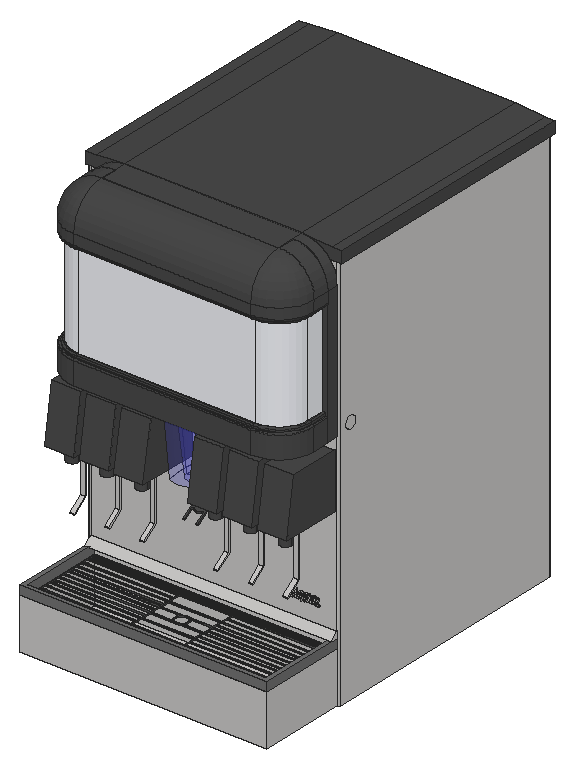
Revit family "QF_LANCER_IBD 4500-22_cat", category Specialty Equipment, Revit 2012
Parameters
  Width [instance] = 22"  # constant formula
  Weight in Pounds = 0
  Watts = 0 W
  Waste Water Discharge Temperature = -459.67 °F
  Volts = 115 V
  URL Cutsheet = "www.lancercorp.com"
  URL = "www.lancercorp.com"
  Type Mark [instance] = ""
  Status [instance] = ""
  Specification by User [instance] = ""
  Specification by Manufacturer = ""
  Show Logo [instance] = yes
  Serial Number = ""
  Seismic Rating = ""
  SMACNA No = ""
  Revision Code [instance] = ""
  Plumbing Remarks = ""
  Plumbing Connection Type = ""
  Phase = 0
  Omniclass Number and Title = ""
  Number of Poles [instance] = 1
  NAFEM Spec ID Number = ""
  Model = "IBD 4500-22"
  Min Ckt Ampacity = 0 A
  Max Overcurrent Protection = 0 A
  Masterspec = ""
  Manufacturer = "LANCER"
  Item Number [instance] = ""
  Installed By [instance] = ""
  Indirect Waste Size = 3/4"
  Indirect Waste Flow = 0 GPM
  Indirect Waste Connection Type = ""
  Indirect Waste Connection Height = 0"
  Identify Quantity as Lot [instance] = yes
  Height [instance] = 35 3/8"  # constant formula
  HP = ""
  Furnished By [instance] = ""
  Foodservice Equipment Identifier [instance] = yes
  FL Amps = 3 A
  Electrical Remarks [instance] = ""
  Electric Connection Type [instance] = ""
  Elec Conn RI Height [instance] = 0"
  Elec Conn Connection Height [instance] = 0"
  Description = "ICE BEVERAGE DISPENSER"
  Depth [instance] = 30 1/2"  # constant formula
  Cycle = 60 Hz
  Conn Plug = ""
  Conn Conduit = yes
  Cold Water Temperature Recommended = -459.67 °F
  Cold Water Size = 3/8"
  Cold Water RI Height = 0"
  Cold Water Minimum Pressure = 0.00 psi
  Cold Water Maximum Pressure = 0.00 psi
  Cold Water Flow = 0 GPM
  Cold Water Consumption = ""
  Cold Water Connection Height = 0"
  CSI MasterFormat = ""
  CSI Master Format = ""
  Apparent Power = if(Phase = 3, Volts * FL Amps * 1.73, Volts * FL Amps)  # 345 VA
Reference planes (in)
  plane 1 "BACK": y = 0
  plane 2: z = 0
  plane 3 "LEFT": x = 0
  plane 4 "RIGHT": x = 22
  plane 5 "FRONT": y = -30.5
  plane 6 "TOP": z = 35.375
  plane 7 "Center Y": x = 11
  plane 8 "Center X": y = -15.25
  plane 9: z = 5.125
  plane 10: y = -23
  plane 11: z = 14.875
  plane 12: z = 20.68815
  plane 13: z = 31.625
  plane 14: z = 34.1875
  plane 15: z = 17.6875
Forms (in)
  Extrusion 1, solid, material "QF_Finishes_Stainless Steel"
    sketch origin (0, 0, 0) x (1, 0, 0) y (0, 1, 0)
      loop
        line (0.375, -23) -> (0.375, -22.9375) -> (21.625, -22.9375) -> (21.625, -23)
        arc (21.625, -23) -> (21.75758, -22.94508) -> (21.8125, -22.8125) r 0.1875
        line (21.8125, -22.8125) -> (21.8125, -0.25)
        arc (21.8125, -0.25) -> (21.79419, -0.20581) -> (21.75, -0.1875) r 0.0625
        line (21.75, -0.1875) -> (0.25, -0.1875)
        arc (0.25, -0.1875) -> (0.20581, -0.20581) -> (0.1875, -0.25) r 0.0625
        line (0.1875, -0.25) -> (0.1875, -22.8125)
        arc (0.1875, -22.8125) -> (0.24242, -22.94508) -> (0.375, -23) r 0.1875
    from 0 to 34.1875
  Extrusion 2, solid, material "QF_Finishes_Stainless Steel"
    sketch origin (0, 0, 0) x (1, 0, 0) y (0, 1, 0)
      loop
        line (0.375, -23) -> (0.375, -30.5) -> (21.625, -30.5) -> (21.625, -23) -> (21.25, -23) -> (21.25, -30.125) -> (0.75, -30.125) -> (0.75, -23) -> (0.375, -23)
    from 0 to 4.375
  Extrusion 3, solid, material "QF_Finishes_Stainless Steel"
    sketch origin (0, 0, 0) x (1, 0, 0) y (0, 1, 0)
      loop
        line (0.75, -23) -> (0.75, -30.125) -> (21.25, -30.125) -> (21.25, -23) -> (0.75, -23)
    from 0 to 0.375
  Blend 4, solid, material "Glass"
    base sketch origin (0, 0, 0) x (1, 0, 0) y (0, 1, 0)
      loop
        line (12.03287, -23.21875) -> (9.96713, -23.21875)
        arc (9.96713, -23.21875) -> (9.79437, -24.82045) -> (10, -26.41827) r 6.85835
        arc (10, -26.41827) -> (11, -26.69108) -> (12, -26.41827) r 1.96919
        arc (12, -26.41827) -> (12.20563, -24.82045) -> (12.03287, -23.21875) r 6.85835
    top sketch origin (0, 0, 0) x (1, 0, 0) y (0, 1, 0)
      loop
        line (12.53753, -23.21875) -> (9.46247, -23.21875)
        arc (9.46247, -23.21875) -> (9.30335, -24.92716) -> (9.54461, -26.62593) r 7.35113
        arc (9.54461, -26.62593) -> (11, -27.11846) -> (12.45539, -26.62593) r 2.39657
        arc (12.45539, -26.62593) -> (12.69665, -24.92716) -> (12.53753, -23.21875) r 7.35113
    from 14.875 to 20.68815
  Extrusion 5, solid, material "QF_Finishes_Stainless Steel"
    sketch origin (0, 0.0625, 0) x (0, 1, 0) y (0, 0, 1)
      loop
        line (-23, 5.72901) -> (-23.60401, 5.125) -> (-23, 5.125) -> (-23, 5.72901)
    from 0.375 to 21.625
  Revolve 6, solid, material "Glass"
    sketch origin (0, -25, 0) x (1, 0, 0) y (0, 0, 1)
      loop
        line (11, 20.27385) -> (11, 14.76752) -> (11.67263, 14.76752)
        arc (11.67263, 14.76752) -> (11.81786, 17.53473) -> (12.237, 20.27385) r 27.88536
        line (12.237, 20.27385) -> (11, 20.27385)
      axis (11, 14.76752) -> (11, 20.27385)
    angle from 0 to 360
  Extrusion 7, solid, material "QF_Finishes_Stainless Steel"
    sketch origin (0, 0, 0) x (1, 0, 0) y (0, 0, 1)
      loop
        line (10.02317, 14.875) -> (11.97683, 14.875) -> (12.58115, 20.68815) -> (9.41885, 20.68815) -> (10.02317, 14.875)
    from 23 to 23.21875
  Extrusion 8, solid, material "QF_Finishes_Black"
    sketch origin (0, 0, -0.75) x (0, 1, 0) y (0, 0, 1)
      loop
        line (-27.34912, 20.37709) -> (-28.11716, 15.625) -> (-22.9375, 15.625) -> (-22.9375, 20.37709) -> (-27.34912, 20.37709)
    from 6.57258 to 9.07258
  Extrusion 9, solid, material "QF_Finishes_Black"
    sketch origin (0, 0, -0.75) x (0, 1, 0) y (0, 0, 1)
      loop
        line (-27.34912, 20.37709) -> (-28.11716, 15.625) -> (-22.9375, 15.625) -> (-22.9375, 20.37709) -> (-27.34912, 20.37709)
    from 3.57258 to 6.07258
  Extrusion 10, solid, material "QF_Finishes_Black"
    sketch origin (0, 0, -0.75) x (0, 1, 0) y (0, 0, 1)
      loop
        line (-27.34912, 20.37709) -> (-28.11716, 15.625) -> (-22.9375, 15.625) -> (-22.9375, 20.37709) -> (-27.34912, 20.37709)
    from 0.57258 to 3.07258
  Extrusion 11, solid, material "QF_Finishes_Black"
    sketch origin (22, 0, -0.75) x (0, 1, 0) y (0, 0, -1)
      loop
        line (-27.34912, -20.37709) -> (-22.9375, -20.37709) -> (-22.9375, -15.625) -> (-28.11716, -15.625) -> (-27.34912, -20.37709)
    from 6.57258 to 9.07258
  Extrusion 12, solid, material "QF_Finishes_Black"
    sketch origin (22, 0, -0.75) x (0, 1, 0) y (0, 0, -1)
      loop
        line (-27.34912, -20.37709) -> (-22.9375, -20.37709) -> (-22.9375, -15.625) -> (-28.11716, -15.625) -> (-27.34912, -20.37709)
    from 3.57258 to 6.07258
  Extrusion 13, solid, material "QF_Finishes_Black"
    sketch origin (22, 0, -0.75) x (0, 1, 0) y (0, 0, -1)
      loop
        line (-27.34912, -20.37709) -> (-22.9375, -20.37709) -> (-22.9375, -15.625) -> (-28.11716, -15.625) -> (-27.34912, -20.37709)
    from 0.57258 to 3.07258
  Extrusion 14, solid, material "QF_Finishes_Black"
    sketch origin (0, 0, -1.56533) x (1, 0, 0) y (0, 1, 0)
      loop
        circle (1.82258, -26.65163) r 0.5
      loop
        circle (4.82258, -26.65163) r 0.5
      loop
        circle (7.82258, -26.65163) r 0.5
      loop
        circle (20.17742, -26.65163) r 0.5
      loop
        circle (17.17742, -26.65163) r 0.5
      loop
        circle (14.17742, -26.65163) r 0.5
    from 15.19033 to 16.44033
  Sweep 15, solid, material "QF_Finishes_Stainless Steel"
    path origin (0, 0, -1.56533) x (0, 1, 0) y (0, 0, 1)
      loop
        line (-25.46144, 16.44033) -> (-25.46144, 11.90908) -> (-26.65939, 11.00636)
    profile origin (0, -25.46144, 12.60938) x (1, 0, 0) y (0, 1, 0)
      loop
        line (1.63508, 0) -> (1.63508, -0.0625) -> (2.01008, -0.0625) -> (2.01008, 0) -> (1.63508, 0)
      loop
        line (4.63508, 0) -> (4.63508, -0.0625) -> (5.01008, -0.0625) -> (5.01008, 0) -> (4.63508, 0)
      loop
        line (7.63508, 0) -> (7.63508, -0.0625) -> (8.01008, -0.0625) -> (8.01008, 0) -> (7.63508, 0)
      loop
        line (20.36492, 0) -> (19.98992, 0) -> (19.98992, -0.0625) -> (20.36492, -0.0625) -> (20.36492, 0)
      loop
        line (17.36492, 0) -> (16.98992, 0) -> (16.98992, -0.0625) -> (17.36492, -0.0625) -> (17.36492, 0)
      loop
        line (14.36492, 0) -> (13.98992, 0) -> (13.98992, -0.0625) -> (14.36492, -0.0625) -> (14.36492, 0)
  Extrusion 16, solid, material "QF_Finishes_Black"
    sketch origin (-4.23992, 0, -1.56533) x (0, 1, 0) y (0, 0, 1)
      loop
        line (-24, 16.44033) -> (-24, 14.07158) -> (-25.43906, 13.10092) -> (-25.40411, 13.04911) -> (-23.9375, 14.03834) -> (-23.9375, 16.44033) -> (-24, 16.44033)
    from 14.59375 to 15.90625
  Extrusion 17, void
    sketch origin (0, 0, -1.56533) x (1, 0, 0) y (0, 1, 0)
      loop
        line (10.50557, -25.47981) -> (11.49443, -25.47981) -> (11.5317, -24.76869)
        arc (11.5317, -24.76869) -> (11.46175, -24.63985) -> (11.31519, -24.64369) r 0.14029
        arc (11.31519, -24.64369) -> (11, -24.73706) -> (10.68481, -24.64369) r 0.57872
        arc (10.68481, -24.64369) -> (10.53825, -24.63985) -> (10.4683, -24.76869) r 0.14029
        line (10.4683, -24.76869) -> (10.50557, -25.47981)
    from 12.74241 to 14.39164
  Extrusion 18, void
    sketch origin (0, 0, -1.56533) x (1, 0, 0) y (0, 0, 1)
      loop
        line (10.34491, 14.08822) -> (10.50939, 16.44033) -> (10.19702, 16.44033) -> (10.19702, 14.08822) -> (10.34491, 14.08822)
      loop
        line (11.65509, 14.08822) -> (11.80298, 14.08822) -> (11.80298, 16.44033) -> (11.49061, 16.44033) -> (11.65509, 14.08822)
    from 23.83187 to 24.10002
  Extrusion 19, solid, material "QF_Finishes_Stainless Steel"
    sketch origin (0, 0, 0.16111) x (1, 0, 0) y (0, 1, 0)
      loop
        line (0.75, -30.125) -> (21.25, -30.125) -> (21.25, -23) -> (0.75, -23) -> (0.75, -30.125)
      loop
        line (0.8125, -30.0625) -> (21.1875, -30.0625) -> (21.1875, -23.0625) -> (0.8125, -23.0625) -> (0.8125, -30.0625)
    from 3.90139 to 4.15139
  Extrusion 20, solid, material "QF_Finishes_Black"
    sketch origin (0, 0, 0.16111) x (1, 0, 0) y (0, 1, 0)
      loop
        line (0.75, -30.125) -> (21.25, -30.125) -> (21.25, -23) -> (0.75, -23) -> (0.75, -30.125)
      loop
        line (1, -30) -> (21, -30)
        arc (21, -30) -> (21.08839, -29.96339) -> (21.125, -29.875) r 0.125
        line (21.125, -29.875) -> (21.125, -29.53588) -> (0.875, -29.53588) -> (0.875, -29.875)
        arc (0.875, -29.875) -> (0.91161, -29.96339) -> (1, -30) r 0.125
      loop
        line (0.875, -23.25) -> (0.875, -23.35246) -> (21.125, -23.35246) -> (21.125, -23.25)
        arc (21.125, -23.25) -> (21.08839, -23.16161) -> (21, -23.125) r 0.125
        line (21, -23.125) -> (1, -23.125)
        arc (1, -23.125) -> (0.91161, -23.16161) -> (0.875, -23.25) r 0.125
      loop
        line (21.125, -23.81917) -> (13.3125, -23.81917) -> (13.3125, -24.35042) -> (21.125, -24.35042) -> (21.125, -23.81917)
      loop
        line (0.875, -28.94417) -> (8.6875, -28.94417) -> (8.6875, -28.41292) -> (0.875, -28.41292) -> (0.875, -28.94417)
      loop
        line (8.75, -23.81917) -> (8.75, -24.91292) -> (13.25, -24.91292) -> (13.25, -23.81917) -> (8.75, -23.81917)
      loop
        line (21.125, -23.75667) -> (21.125, -23.41496) -> (0.875, -23.41496) -> (0.875, -23.75667) -> (21.125, -23.75667)
      loop
        line (0.875, -29.00667) -> (0.875, -29.47338) -> (21.125, -29.47338) -> (21.125, -29.00667) -> (0.875, -29.00667)
      loop
        line (8.6875, -23.81917) -> (0.875, -23.81917) -> (0.875, -24.35042) -> (8.6875, -24.35042) -> (8.6875, -23.81917)
      loop
        line (0.875, -24.41292) -> (0.875, -24.91292) -> (8.6875, -24.91292) -> (8.6875, -24.41292) -> (0.875, -24.41292)
      loop
        line (0.875, -28.35042) -> (8.6875, -28.35042) -> (8.6875, -27.88167) -> (0.875, -27.88167) -> (0.875, -28.35042)
      loop
        line (0.875, -25.85042) -> (8.6875, -25.85042) -> (8.6875, -25.50667) -> (0.875, -25.50667) -> (0.875, -25.85042)
      loop
        line (0.875, -25.91292) -> (0.875, -26.38167) -> (8.6875, -26.38167) -> (8.6875, -25.91292) -> (0.875, -25.91292)
      loop
        line (0.875, -24.97542) -> (0.875, -25.44417) -> (8.6875, -25.44417) -> (8.6875, -24.97542) -> (0.875, -24.97542)
      loop
        line (0.875, -26.91292) -> (0.875, -27.38167) -> (8.6875, -27.38167) -> (8.6875, -26.91292) -> (0.875, -26.91292)
      loop
        line (0.875, -26.85042) -> (8.6875, -26.85042) -> (8.6875, -26.44417) -> (0.875, -26.44417) -> (0.875, -26.85042)
      loop
        line (0.875, -27.81917) -> (8.6875, -27.81917) -> (8.6875, -27.44417) -> (0.875, -27.44417) -> (0.875, -27.81917)
      loop
        line (13.3125, -28.94417) -> (21.125, -28.94417) -> (21.125, -28.41292) -> (13.3125, -28.41292) -> (13.3125, -28.94417)
      loop
        line (8.75, -28.94417) -> (13.25, -28.94417) -> (13.25, -28.37807) -> (13.25, -27.88167) -> (8.75, -27.88167) -> (8.75, -28.94417)
      loop
        line (13.3125, -28.35042) -> (21.125, -28.35042) -> (21.125, -27.88167) -> (13.3125, -27.88167) -> (13.3125, -28.35042)
      loop
        line (13.3125, -27.38167) -> (21.125, -27.38167) -> (21.125, -26.91292) -> (13.3125, -26.91292) -> (13.3125, -27.38167)
      loop
        line (13.3125, -27.44417) -> (13.3125, -27.81917) -> (21.125, -27.81917) -> (21.125, -27.44417) -> (13.3125, -27.44417)
      loop
        line (13.3125, -26.38167) -> (21.125, -26.38167) -> (21.125, -25.91292) -> (13.3125, -25.91292) -> (13.3125, -26.38167)
      loop
        line (13.3125, -26.44417) -> (13.3125, -26.85042) -> (21.125, -26.85042) -> (21.125, -26.44417) -> (13.3125, -26.44417)
      loop
        line (13.3125, -25.44417) -> (21.125, -25.44417) -> (21.125, -24.97542) -> (13.3125, -24.97542) -> (13.3125, -25.44417)
      loop
        line (13.3125, -25.50667) -> (13.3125, -25.85042) -> (21.125, -25.85042) -> (21.125, -25.50667) -> (13.3125, -25.50667)
      loop
        line (13.3125, -24.41292) -> (13.3125, -24.91292) -> (21.125, -24.91292) -> (21.125, -24.41292) -> (13.3125, -24.41292)
      loop
        line (8.75, -27.81917) -> (13.25, -27.81917) -> (13.25, -26.91292) -> (11.26517, -26.91292)
        arc (11.26517, -26.91292) -> (11, -26.97542) -> (10.73483, -26.91292) r 0.59375
        line (10.73483, -26.91292) -> (8.75, -26.91292) -> (8.75, -27.81917)
      loop
        line (8.75, -26.85042) -> (10.63557, -26.85042)
        arc (10.63557, -26.85042) -> (10.40625, -26.38167) -> (10.63557, -25.91292) r 0.59375
        line (10.63557, -25.91292) -> (8.75, -25.91292) -> (8.75, -26.85042)
      loop
        line (13.25, -25.91292) -> (11.36443, -25.91292)
        arc (11.36443, -25.91292) -> (11.59375, -26.38167) -> (11.36443, -26.85042) r 0.59375
        line (11.36443, -26.85042) -> (13.25, -26.85042) -> (13.25, -25.91292)
      loop
        line (8.75, -25.85042) -> (10.73483, -25.85042)
        arc (10.73483, -25.85042) -> (11, -25.78792) -> (11.26517, -25.85042) r 0.59375
        line (11.26517, -25.85042) -> (13.25, -25.85042) -> (13.25, -24.97542) -> (8.75, -24.97542) -> (8.75, -25.85042)
      loop
        circle (11, -26.38167) r 0.53125
    from 4.15139 to 4.21389
  Extrusion 21, solid, material "QF_Finishes_Rubber Black"
    sketch origin (0, 0, 0) x (1, 0, 0) y (0, 1, 0)
      loop
        line (0.375, -23) -> (0.375, -30.5) -> (21.625, -30.5) -> (21.625, -23) -> (21.25, -23) -> (21.25, -30.125) -> (0.75, -30.125) -> (0.75, -23) -> (0.375, -23)
    from 4.375 to 5.125
  Extrusion 22, solid, material "QF_Finishes_Stainless Steel"
    sketch origin (0, -0.1875, 12.5625) x (1, 0, 0) y (0, 0, -1)
      loop
        circle (11, -5.125) r 0.25
      loop
        circle (20.55289, 11.3125) r 0.1875
    from 0 to 0.0625
  Sweep 23, solid, material "QF_Finishes_Stainless Steel"
    path origin (0, 0, 0) x (1, 0, 0) y (0, 1, 0)
      loop
        line (0.375, -23.9375) -> (0.375, -25.4375)
        arc (0.375, -25.4375) -> (1.25304, -27.55728) -> (3.37282, -28.43532) r 2.99782
        line (3.37282, -28.43532) -> (18.62718, -28.43532)
        arc (18.62718, -28.43532) -> (20.74696, -27.55728) -> (21.625, -25.4375) r 2.99782
        line (21.625, -25.4375) -> (21.625, -23.9375)
    profile origin (0.375, -24.6875, 0) x (1, 0, 0) y (0, 0, 1)
      loop
        line (0, 20.68815) -> (2.99061, 20.68815) -> (2.99061, 35.375)
        arc (2.99061, 35.375) -> (0.86867, 34.49666) -> (-0.01035, 32.375) r 3
        line (-0.01035, 32.375) -> (-0.01035, 31.45283)
        arc (-0.01035, 31.45283) -> (0.03533, 31.34254) -> (0.14562, 31.29686) r 0.15597
        line (0.14562, 31.29686) -> (0.24219, 31.29686) -> (0.24219, 31.14616)
        arc (0.24219, 31.14616) -> (0.27128, 31.07592) -> (0.34153, 31.04682) r 0.09934
        line (0.34153, 31.04682) -> (0.5, 31.04682) -> (0.5, 22.93815) -> (0.34934, 22.93815)
        arc (0.34934, 22.93815) -> (0.2791, 22.90906) -> (0.25, 22.83881) r 0.09934
        line (0.25, 22.83881) -> (0.25, 22.68815) -> (0.07818, 22.68815)
        arc (0.07818, 22.68815) -> (0.0229, 22.66525) -> (0, 22.60997) r 0.07818
        line (0, 22.60997) -> (0, 20.68815)
  Extrusion 24, solid, material "QF_Finishes_Black"
    sketch origin (0.375, -22.9375, 0) x (1, 0, 0) y (0, 0, 1)
      loop
        line (-0.00817, 20.68815) -> (21.25576, 20.68815) -> (21.25576, 32.375)
        arc (21.25576, 32.375) -> (20.37708, 34.49632) -> (18.25576, 35.375) r 3
        line (18.25576, 35.375) -> (2.99183, 35.375)
        arc (2.99183, 35.375) -> (0.87051, 34.49632) -> (-0.00817, 32.375) r 3
        line (-0.00817, 32.375) -> (-0.00817, 20.68815)
    from 0 to 1
  Extrusion 25, solid, material "QF_Finishes_Black"
    sketch origin (0, 0, 0) x (1, 0, 0) y (0, 0, 1)
      loop
        line (0, 34.1875) -> (22, 34.1875) -> (22, 35.1875) -> (21.15803, 35.1875)
        spline (21.15803, 35.1875) -> (20.91295, 35.19119) -> (20.67793, 35.20139) -> (20.4518, 35.2168) -> (20.23342, 35.23611) -> (20.02164, 35.25803) -> (19.8153, 35.28125) -> (19.61327, 35.30447) -> (19.41439, 35.32639) -> (19.21751, 35.3457) -> (19.02148, 35.36111) -> (18.82515, 35.37131) -> (18.62738, 35.375)
        line (18.62738, 35.375) -> (3.37262, 35.375)
        spline (3.37262, 35.375) -> (3.17485, 35.37131) -> (2.97852, 35.36111) -> (2.78249, 35.3457) -> (2.58561, 35.32639) -> (2.38673, 35.30447) -> (2.1847, 35.28125) -> (1.97836, 35.25803) -> (1.76658, 35.23611) -> (1.5482, 35.2168) -> (1.32207, 35.20139) -> (1.08705, 35.19119) -> (0.84197, 35.1875)
        line (0.84197, 35.1875) -> (0, 35.1875) -> (0, 34.1875)
    from 0 to 22.9375
  Extrusion 26, solid, material "QF_Finishes_Stainless Steel"
    sketch origin (21.8125, 0, 1.125) x (0, -1, 0) y (0, 0, -1)
      loop
        circle (21.79517, -20.31108) r 0.5
    from 0 to 0.0625
  Extrusion 27, solid, material "QF_Finishes_Stainless Steel"
    sketch origin (0.1875, 0, 1.125) x (0, -1, 0) y (0, 0, 1)
      loop
        circle (21.79517, 20.31108) r 0.5
    from 0 to 0.0625
  Extrusion 28, solid, material "QF_Finishes_Black"
    sketch origin (0, 0, 0) x (1, 0, 0) y (0, 1, 0)
      loop
        line (3.36561, -23.9375) -> (3.36561, -25.4375) -> (18.63439, -25.4375) -> (18.63439, -23.9375) -> (3.36561, -23.9375)
    from 20.68815 to 35.375
  Extrusion 29, solid, material "QF_Finishes_Stainless Steel"
    sketch origin (0, 0, 0) x (0, 1, 0) y (1, 0, 0)
      loop
        circle (-26.74979, 11) r 0.375
    from 0 to 0.0625
Cuts and joins
  joined: Extrusion 2, Extrusion 3
  Extrusion 17 cuts Sweep 15
  Extrusion 17, Extrusion 18 cuts Extrusion 16
  joined: Extrusion 24, Extrusion 28
Lines and regions (in)
  Split face 1
    outline origin (3.64516, -27.34912, 19.62709) x (0, -0.159551, -0.98719) y (1, 0, 0)
      loop
        line (3.50126, -3.01008) -> (3.50126, -0.63508) -> (0.0625, -0.63508) -> (0.0625, -3.01008) -> (3.50126, -3.01008)
  Split face 2
    outline origin (6.64516, -27.34912, 19.62709) x (0, -0.159551, -0.98719) y (1, 0, 0)
      loop
        line (3.50126, -3.01008) -> (3.50126, -0.63508) -> (0.0625, -0.63508) -> (0.0625, -3.01008) -> (3.50126, -3.01008)
  Split face 3
    outline origin (9.64516, -27.34912, 19.62709) x (0, -0.159551, -0.98719) y (1, 0, 0)
      loop
        line (3.50126, -3.01008) -> (3.50126, -0.63508) -> (0.0625, -0.63508) -> (0.0625, -3.01008) -> (3.50126, -3.01008)
  Split face 4
    outline origin (16.00023, -27.34912, 19.62709) x (0, -0.159551, -0.98719) y (1, 0, 0)
      loop
        line (3.50126, -3.01008) -> (3.50126, -0.63508) -> (0.0625, -0.63508) -> (0.0625, -3.01008) -> (3.50126, -3.01008)
  Split face 5
    outline origin (19, -27.34912, 19.62709) x (0, -0.159551, -0.98719) y (1, 0, 0)
      loop
        line (3.50126, -3.01008) -> (3.50126, -0.63508) -> (0.0625, -0.63508) -> (0.0625, -3.01008) -> (3.50126, -3.01008)
  Split face 6
    outline origin (22, -27.34912, 19.62709) x (0, -0.159551, -0.98719) y (1, 0, 0)
      loop
        line (3.50126, -3.01008) -> (3.50126, -0.63508) -> (0.0625, -0.63508) -> (0.0625, -3.01008) -> (3.50126, -3.01008)
  Split face 7
    outline origin (21.8125, 0, 0) x (0, -1, 0) y (0, 0, -1)
      loop
        line (22.5625, -33.9375) -> (22.5625, -22.31315) -> (0.5, -22.31315) -> (0.5, -33.9375) -> (22.5625, -33.9375)
  Split face 8
    outline origin (0.1875, -1, 0) x (0, 1, 0) y (0, 0, -1)
      loop
        line (-21.5625, -33.9375) -> (0.5, -33.9375) -> (0.5, -22.31315) -> (-21.5625, -22.31315) -> (-21.5625, -33.9375)
  symbolic lines
    curve 1: line (0.37515, -30.5, 0) -> (21.625, -30.5, 0)
    curve 2: line (21.625, -30.5, 0) -> (21.625, -23, 0)
    curve 3: arc (21.625, -23, 0) -> (21.89017, -22.89017, 0) -> (22, -22.625, 0) r 0.375
    curve 4: line (22, -22.625, 0) -> (22, 0, 0)
    curve 5: line (22, 0, 0) -> (0.00011, 0, 0)
    curve 6: line (0.00011, 0, 0) -> (0.00011, -22.62496, 0)
    curve 7: arc (0.00011, -22.62496, 0) -> (0.10996, -22.89015, 0) -> (0.37515, -23, 0) r 0.37504
    curve 8: line (0.37515, -23, 0) -> (21.625, -23, 0)
    curve 9: line (0.37515, -23, 0) -> (0.37515, -30.5, 0)
    curve 10: line (3.37385, -28.43462, 0) -> (18.61176, -28.43462, 0)
    curve 11: line (0.74866, -30.125, 0) -> (0.74866, -28.11716, 0)
    curve 12: line (21.23441, -30.125, 0) -> (0.74866, -30.125, 0)
    curve 13: line (21.23441, -28.11716, 0) -> (21.23441, -30.125, 0)
    curve 14: arc (3.37385, -28.43462, 0) -> (1.25345, -27.55632, 0) -> (0.37515, -25.43591, 0) r 2.9987
    curve 15: arc (18.61176, -28.43462, 0) -> (20.57017, -27.72745, 0) -> (21.625, -25.93224, 0) r 3.06539
    curve 16: line (0.57258, -26.50601, 0) -> (0.57258, -28.11716, 0)
    curve 17: line (0.57258, -28.11716, 0) -> (2.03104, -28.11716, 0)
    curve 18: line (21.42742, -26.5811, 0) -> (21.42742, -28.11716, 0)
    curve 19: line (21.42742, -28.11716, 0) -> (19.97025, -28.11716, 0)
    curve 20: line (10, -24.11784, 0) -> (12, -24.11784, 0)
    curve 21: line (10, -24.28389, 0) -> (10, -24.11784, 0)
    curve 22: line (12, -24.28389, 0) -> (10, -24.28389, 0)
    curve 23: line (12, -24.11784, 0) -> (12, -24.28389, 0)
    curve 24: line (10, -24.61784, 0) -> (12, -24.61784, 0)
    curve 25: line (10, -24.78389, 0) -> (10, -24.61784, 0)
    curve 26: line (12, -24.78389, 0) -> (10, -24.78389, 0)
    curve 27: line (12, -24.61784, 0) -> (12, -24.78389, 0)
    curve 28: line (10, -21.76901, 0) -> (12, -21.76901, 0)
    curve 29: line (10, -21.01901, 0) -> (10, -21.76901, 0)
    curve 30: line (12, -21.01901, 0) -> (10, -21.01901, 0)
    curve 31: line (12, -21.76901, 0) -> (12, -21.01901, 0)
Dimensions and locks (in)
  equal spacing: plane 3 "LEFT", plane 7 "Center Y", plane 4 "RIGHT"
  "Width": plane 3 "LEFT" to plane 4 "RIGHT"
  equal spacing: plane 5 "FRONT", plane 8 "Center X", plane 1 "BACK"
  "Depth": plane 5 "FRONT" to plane 1 "BACK"
  "Height": plane 6 "TOP" to plane 2
  plane 9 to level = 5 1/8"
  locked: plane 1 "BACK" to plane 10 at 23
  plane 11 to plane 9 = 9 3/4"
  plane 14 to level = 34 3/16"
  equal spacing: plane 6 "TOP", plane 15, level
  aligned and locked: level to plane 2
Automatic sketch dimensions
  Extrusion 1 sketch curve to plane 10 = 0"  (x2)
  plane 3 "LEFT" to Extrusion 1 sketch curve = 3/16"
  Extrusion 1 sketch curve to Extrusion 1 sketch curve = 1/16"  (x2)
  Extrusion 1 sketch curve to Extrusion 1 sketch curve = 3/16"
  Extrusion 1 sketch curve to plane 4 "RIGHT" = 3/8"
  Extrusion 1 sketch curve to plane 4 "RIGHT" = 1/4"
  Extrusion 1 sketch curve to plane 4 "RIGHT" = 3/16"
  plane 1 "BACK" to Extrusion 1 sketch curve = 1/4"
  plane 5 "FRONT" to Extrusion 2 sketch curve = 0"
  Extrusion 2 sketch curve to plane 10 = 0"  (x2)
  plane 3 "LEFT" to Extrusion 2 sketch curve = 3/8"
  Extrusion 2 sketch curve to Extrusion 2 sketch curve = 3/8"  (x2)
  Extrusion 2 sketch curve to plane 4 "RIGHT" = 3/4"
  Extrusion 2 sketch curve to plane 5 "FRONT" = 3/8"
  Extrusion 3 sketch curve to plane 10 = 0"
  plane 3 "LEFT" to Extrusion 3 sketch curve = 3/4"
  Extrusion 3 sketch curve to plane 4 "RIGHT" = 3/4"
  Extrusion 3 sketch curve to plane 5 "FRONT" = 3/8"
  Blend 4 sketch curve to plane 7 "Center Y" = 0"  (x2)
  Blend 4 sketch curve to plane 7 "Center Y" = 1"
  Blend 4 sketch curve to plane 10 = 7/32"  (x2)
  Blend 4 sketch curve to plane 7 "Center Y" = 1.03287"
  Blend 4 sketch curve to plane 10 = 1 3/4"  (x4)
  Blend 4 sketch curve to Blend 4 sketch curve = 4.61948"
  plane 7 "Center Y" to Blend 4 sketch curve = 1"
  Blend 4 sketch curve to Blend 4 sketch curve = 1.03287"
  Blend 4 sketch curve to plane 10 = 1.72189"  (x2)
  Blend 4 sketch curve to plane 7 "Center Y" = 1.45539"
  Blend 4 sketch curve to Blend 4 sketch curve = 1.53753"  (x2)
  Blend 4 sketch curve to Blend 4 sketch curve = 4.11482"
  plane 7 "Center Y" to Blend 4 sketch curve = 1.45539"
  Extrusion 5 sketch curve to plane 9 = 0"
  Extrusion 5 sketch curve to plane 10 = 0.54151"
  plane 10 to Extrusion 5 sketch curve = 1/16"
  plane 9 to Extrusion 5 sketch curve = 0.60401"
  Revolve 6 sketch curve to plane 7 "Center Y" = 0"  (x2)
  Revolve 6 sketch curve to plane 11 = 0.10748"
  plane 7 "Center Y" to Revolve 6 sketch curve = 0.67263"
  Revolve 6 sketch curve to plane 12 = 0.4143"
  Revolve 6 sketch curve to Revolve 6 sketch curve = 1.237"
  Revolve 6 sketch curve to plane 11 = 0.18349"
  plane 12 to Revolve 6 sketch curve = 0.14755"
  Revolve 6 sketch curve to Revolve 6 sketch curve = 0.35477"
  Extrusion 7 sketch curve to plane 12 = 0"
  Extrusion 7 sketch curve to plane 11 = 0"
  Extrusion 7 sketch curve to plane 7 "Center Y" = 1.58115"
  Extrusion 7 sketch curve to plane 7 "Center Y" = 0.97683"
  plane 7 "Center Y" to Extrusion 7 sketch curve = 0.97683"
  plane 7 "Center Y" to Extrusion 7 sketch curve = 1.58115"
  Extrusion 8 sketch curve to plane 11 = 0"
  Extrusion 8 sketch curve to plane 5 "FRONT" = 2.38284"
  Extrusion 8 sketch curve to plane 12 = 1.06106"
  Extrusion 8 sketch curve to plane 5 "FRONT" = 3.15088"
  plane 10 to Extrusion 8 sketch curve = 1/16"
  Extrusion 9 sketch curve to plane 11 = 0"
  Extrusion 9 sketch curve to plane 5 "FRONT" = 2.38284"
  Extrusion 9 sketch curve to plane 12 = 1.06106"
  Extrusion 9 sketch curve to plane 5 "FRONT" = 3.15088"
  plane 10 to Extrusion 9 sketch curve = 1/16"
  Extrusion 10 sketch curve to plane 11 = 0"
  Extrusion 10 sketch curve to plane 5 "FRONT" = 2.38284"
  Extrusion 10 sketch curve to plane 12 = 1.06106"
  Extrusion 10 sketch curve to plane 5 "FRONT" = 3.15088"
  plane 10 to Extrusion 10 sketch curve = 1/16"
  Extrusion 11 sketch curve to plane 11 = 0"
  Extrusion 11 sketch curve to plane 5 "FRONT" = 2.38284"
  Extrusion 11 sketch curve to plane 12 = 1.06106"
  Extrusion 11 sketch curve to plane 5 "FRONT" = 3.15088"
  plane 10 to Extrusion 11 sketch curve = 1/16"
  Extrusion 12 sketch curve to plane 11 = 0"
  Extrusion 12 sketch curve to plane 5 "FRONT" = 2.38284"
  Extrusion 12 sketch curve to plane 12 = 1.06106"
  Extrusion 12 sketch curve to plane 5 "FRONT" = 3.15088"
  plane 10 to Extrusion 12 sketch curve = 1/16"
  Extrusion 13 sketch curve to plane 11 = 0"
  Extrusion 13 sketch curve to plane 5 "FRONT" = 2.38284"
  Extrusion 13 sketch curve to plane 12 = 1.06106"
  Extrusion 13 sketch curve to plane 5 "FRONT" = 3.15088"
  plane 10 to Extrusion 13 sketch curve = 1/16"
  Extrusion 10 to Split face 1 sketch curve = 1/16"
  Split face 1 sketch curve to Extrusion 10 = 1/16"  (x2)
  Split face 1 sketch curve to Extrusion 10 = 1 5/16"
  plane 3 "LEFT" to Extrusion 14 sketch curve = 1.82258"
  Extrusion 14 sketch curve to Extrusion 14 sketch curve = 3"  (x3)
  plane 7 "Center Y" to Extrusion 14 sketch curve = 3.17742"
  Extrusion 14 sketch curve to plane 4 "RIGHT" = 1.82258"
  Extrusion 14 sketch curve to plane 10 = 3.65163"  (x2)
  Extrusion 14 sketch curve to Extrusion 14 sketch curve = 0"  (x4)
  Sweep 15 sketch curve to plane 11 = 0"
  Sweep 15 sketch curve to plane 10 = 3.65939"
  Sweep 15 sketch curve to Sweep 15 sketch curve = 1.19795"
  Sweep 15 sketch curve to Sweep 15 sketch curve = 4 17/32"
  Sweep 15 sketch curve to Sweep 15 sketch curve = 0.90272"
  profile plane to Sweep 15 sketch curve = 0"  (x6)
  profile plane to Sweep 15 sketch curve = 1/16"  (x6)
  profile plane to Sweep 15 sketch curve = 1.63508"
  Sweep 15 sketch curve to Sweep 15 sketch curve = 3/8"  (x6)
  Sweep 15 sketch curve to Sweep 15 sketch curve = 2 5/8"  (x4)
  Sweep 15 sketch curve to Sweep 15 sketch curve = 5.97984"
  Extrusion 16 sketch curve to plane 11 = 0"
  Extrusion 16 sketch curve to plane 10 = 2.43906"
  Extrusion 16 sketch curve to Extrusion 16 sketch curve = 0.03495"
  Extrusion 16 sketch curve to plane 10 = 1"
  Extrusion 16 sketch curve to Extrusion 16 sketch curve = 1/16"
  Extrusion 16 sketch curve to plane 11 = 2.36875"
  Extrusion 16 sketch curve to Extrusion 16 sketch curve = 0.03323"
  Extrusion 17 sketch curve to plane 7 "Center Y" = 0"
  Extrusion 17 sketch curve to plane 7 "Center Y" = 0.31519"
  Extrusion 17 sketch curve to Extrusion 17 sketch curve = 0"  (x2)
  Extrusion 17 sketch curve to Extrusion 17 sketch curve = 0.07641"  (x2)
  Extrusion 17 sketch curve to plane 7 "Center Y" = 0.49443"
  Extrusion 17 sketch curve to Extrusion 17 sketch curve = 0.1401"  (x2)
  plane 7 "Center Y" to Extrusion 17 sketch curve = 0.31519"
  plane 7 "Center Y" to Extrusion 17 sketch curve = 0.49443"
  Extrusion 17 sketch curve to plane 10 = 2.47981"
  Extrusion 17 sketch curve to Extrusion 17 sketch curve = 0.71112"
  Extrusion 17 sketch curve to Extrusion 17 sketch curve = 0.00734"
  Extrusion 18 sketch curve to plane 11 = 0"  (x2)
  Extrusion 18 sketch curve to plane 7 "Center Y" = 0.80298"
  Extrusion 18 sketch curve to Extrusion 18 sketch curve = 0.14789"  (x2)
  Extrusion 18 sketch curve to Extrusion 18 sketch curve = 0.31237"
  plane 7 "Center Y" to Extrusion 18 sketch curve = 0.49061"
  plane 7 "Center Y" to Extrusion 18 sketch curve = 0.65509"
  Extrusion 18 sketch curve to plane 11 = 2.35211"
  Extrusion 18 sketch curve to Extrusion 18 sketch curve = 0"
  Extrusion 19 sketch curve to plane 10 = 0"
  plane 3 "LEFT" to Extrusion 19 sketch curve = 3/4"
  Extrusion 19 sketch curve to Extrusion 19 sketch curve = 1/16"  (x3)
  Extrusion 19 sketch curve to plane 4 "RIGHT" = 13/16"
  Extrusion 19 sketch curve to plane 10 = 1/16"
  Extrusion 19 sketch curve to plane 5 "FRONT" = 7/16"
  Extrusion 20 sketch curve to Extrusion 20 sketch curve = 0"  (x66)
  Extrusion 20 sketch curve to plane 10 = 0"
  Extrusion 20 sketch curve to plane 7 "Center Y" = 0"
  Extrusion 20 sketch curve to plane 7 "Center Y" = 0.26517"  (x2)
  Extrusion 20 sketch curve to Extrusion 20 sketch curve = 0.09927"  (x4)
  Extrusion 20 sketch curve to plane 10 = 0.81917"
  Extrusion 20 sketch curve to plane 7 "Center Y" = 2 1/4"  (x2)
  Extrusion 20 sketch curve to Extrusion 20 sketch curve = 1/16"  (x37)
  Extrusion 20 sketch curve to plane 5 "FRONT" = 1/2"
  plane 3 "LEFT" to Extrusion 20 sketch curve = 1"  (x2)
  Extrusion 20 sketch curve to plane 10 = 1/8"
  Extrusion 20 sketch curve to Extrusion 20 sketch curve = 1/8"  (x3)
  plane 3 "LEFT" to Extrusion 20 sketch curve = 7/8"  (x2)
  Extrusion 20 sketch curve to Extrusion 20 sketch curve = 1/4"  (x2)
  plane 7 "Center Y" to Extrusion 20 sketch curve = 0.26517"  (x2)
  plane 7 "Center Y" to Extrusion 20 sketch curve = 2 1/4"
  Extrusion 20 sketch curve to plane 4 "RIGHT" = 1"  (x2)
  Extrusion 20 sketch curve to plane 5 "FRONT" = 5/8"
  Extrusion 20 sketch curve to plane 4 "RIGHT" = 7/8"
  Extrusion 20 sketch curve to Extrusion 20 sketch curve = 0.33912"
  Extrusion 20 sketch curve to Extrusion 20 sketch curve = 0.46671"
  Extrusion 20 sketch curve to Extrusion 20 sketch curve = 17/32"  (x3)
  Extrusion 20 sketch curve to Extrusion 20 sketch curve = 0.03486"
  Extrusion 20 sketch curve to Extrusion 20 sketch curve = 15/32"  (x8)
  Extrusion 20 sketch curve to Extrusion 20 sketch curve = 3/8"  (x2)
  Extrusion 20 sketch curve to Extrusion 20 sketch curve = 13/32"  (x2)
  Extrusion 20 sketch curve to Extrusion 20 sketch curve = 11/32"  (x2)
  Extrusion 20 sketch curve to Extrusion 20 sketch curve = 1/2"  (x2)
  Extrusion 20 sketch curve to Extrusion 20 sketch curve = 0.16496"
  Extrusion 21 sketch curve to plane 10 = 0"  (x2)
  plane 5 "FRONT" to Extrusion 21 sketch curve = 0"
  plane 3 "LEFT" to Extrusion 21 sketch curve = 3/8"
  Extrusion 21 sketch curve to Extrusion 21 sketch curve = 3/8"  (x2)
  Extrusion 21 sketch curve to plane 4 "RIGHT" = 3/4"
  Extrusion 21 sketch curve to plane 5 "FRONT" = 3/8"
  Extrusion 9 to Split face 2 sketch curve = 1/16"
  Split face 2 sketch curve to Extrusion 9 = 1/16"  (x2)
  Split face 2 sketch curve to Extrusion 9 = 1 5/16"
  Extrusion 8 to Split face 3 sketch curve = 1/16"
  Split face 3 sketch curve to Extrusion 8 = 1/16"  (x2)
  Split face 3 sketch curve to Extrusion 8 = 1 5/16"
  Extrusion 11 to Split face 4 sketch curve = 1/16"
  Split face 4 sketch curve to Extrusion 11 = 0.06273"
  Split face 4 sketch curve to Extrusion 11 = 1 5/16"
  Split face 4 sketch curve to Extrusion 11 = 0.06227"
  Extrusion 12 to Split face 5 sketch curve = 1/16"
  Split face 5 sketch curve to Extrusion 12 = 1/16"  (x2)
  Split face 5 sketch curve to Extrusion 12 = 1 5/16"
  Extrusion 13 to Split face 6 sketch curve = 1/16"
  Split face 6 sketch curve to Extrusion 13 = 1/16"  (x2)
  Split face 6 sketch curve to Extrusion 13 = 1 5/16"
  profile plane to Sweep 23 sketch curve = 0"
  Sweep 23 sketch curve to profile plane = 0.07818"
  Sweep 23 sketch curve to profile plane = 0.14562"
  Sweep 23 sketch curve to Sweep 23 sketch curve = 0.09657"
  Sweep 23 sketch curve to Sweep 23 sketch curve = 0.17182"
  Sweep 23 sketch curve to Sweep 23 sketch curve = 0.09934"  (x2)
  Sweep 23 sketch curve to Sweep 23 sketch curve = 0.15847"
  level to Sweep 23 sketch curve = 20.68815"
  Sweep 23 sketch curve to Sweep 23 sketch curve = 1.92182"
  Sweep 23 sketch curve to Sweep 23 sketch curve = 0.15066"
  Sweep 23 sketch curve to Sweep 23 sketch curve = 8.10867"
  Sweep 23 sketch curve to Sweep 23 sketch curve = 0.15069"
  Sweep 23 sketch curve to Sweep 23 sketch curve = 0.92217"
  Extrusion 24 sketch curve to plane 13 = 10.93685"
  Extrusion 24 sketch curve to plane 6 "TOP" = 0"
  plane 3 "LEFT" to Extrusion 24 sketch curve = 0.36683"
  plane 13 to Extrusion 24 sketch curve = 3/4"
  Extrusion 24 sketch curve to plane 4 "RIGHT" = 3.36924"
  Extrusion 24 sketch curve to plane 4 "RIGHT" = 0.36924"
  Extrusion 25 sketch curve to plane 3 "LEFT" = 0"
  Extrusion 25 sketch curve to plane 6 "TOP" = 0"
  Extrusion 25 sketch curve to plane 4 "RIGHT" = 0"
  Extrusion 25 sketch curve to plane 14 = 0"
  Extrusion 25 sketch curve to plane 6 "TOP" = 3/16"  (x2)
  plane 3 "LEFT" to Extrusion 25 sketch curve = 0.84197"
  Extrusion 25 sketch curve to Extrusion 25 sketch curve = 2.53065"
  Extrusion 25 sketch curve to plane 4 "RIGHT" = 3.37262"
  Extrusion 25 sketch curve to plane 4 "RIGHT" = 0.84197"
  Split face 7 sketch curve to Extrusion 1 = 1/4"  (x2)
  Extrusion 1 to Split face 7 sketch curve = 1/4"
  Split face 7 sketch curve to Split face 7 sketch curve = 11.62435"
  Split face 8 sketch curve to Extrusion 1 = 1/4"  (x2)
  Extrusion 1 to Split face 8 sketch curve = 1/4"
  Split face 8 sketch curve to Split face 8 sketch curve = 11.62435"
  Extrusion 1 to Extrusion 26 sketch curve = 1.01733"
  Extrusion 1 to Extrusion 26 sketch curve = 12.75142"
  plane 10 to Extrusion 27 sketch curve = 1.20483"
  plane 12 to Extrusion 27 sketch curve = 0.74793"
  profile plane to Sweep 23 sketch curve = 0.01035"
  Sweep 23 sketch curve to Sweep 23 sketch curve = 2.48965"
  Sweep 23 sketch curve to profile plane = 2.99061"
  plane 3 "LEFT" to Sweep 23 sketch curve = 3/8"
  Sweep 23 sketch curve to plane 5 "FRONT" = 2.06468"
  plane 3 "LEFT" to Sweep 23 sketch curve = 3.37282"
  Sweep 23 sketch curve to plane 4 "RIGHT" = 3.37282"
  Sweep 23 sketch curve to plane 4 "RIGHT" = 3/8"
  Sweep 23 sketch curve to plane 10 = 15/16"  (x2)
  plane 3 "LEFT" to Extrusion 28 sketch curve = 3.36561"
  Extrusion 28 sketch curve to plane 4 "RIGHT" = 3.36561"
  Extrusion 28 sketch curve to plane 10 = 2 7/16"
  Extrusion 28 sketch curve to plane 10 = 15/16"
  plane 1 "BACK" to curve 6 = 0"
  curve 7 to plane 10 = 0"
  plane 5 "FRONT" to curve 1 = 0"
  curve 4 to plane 4 "RIGHT" = 0"
  curve 15 to plane 4 "RIGHT" = 3/8"
  curve 18 to plane 4 "RIGHT" = 0.57258"
  curve 12 to curve 1 = 0.39059"
  curve 19 to curve 13 = 1.26416"
  curve 15 to curve 19 = 1.35849"
  plane 7 "Center Y" to curve 28 = 1"
  plane 7 "Center Y" to curve 23 = 1"
  curve 26 to curve 22 = 0"
  curve 21 to plane 7 "Center Y" = 1"
  curve 24 to curve 21 = 0"
  curve 29 to plane 7 "Center Y" = 1"
  plane 3 "LEFT" to curve 10 = 3.37385"
  curve 17 to curve 10 = 1.34281"
  plane 3 "LEFT" to curve 11 = 0.74866"
  curve 17 to curve 11 = 0.17609"
  plane 3 "LEFT" to curve 8 = 0.37515"
  plane 3 "LEFT" to curve 5 = 0.00011"
  curve 12 to plane 5 "FRONT" = 3/8"
  curve 14 to plane 5 "FRONT" = 2.06538"
  curve 12 to curve 13 = 2.00784"
  curve 27 to plane 10 = 1.78389"
  curve 25 to curve 24 = 0.16605"
  curve 24 to curve 21 = 0.33395"
  curve 21 to curve 21 = 0.16605"
  plane 10 to curve 31 = 1.23099"
  curve 28 to curve 30 = 3/4"
  Extrusion 29 sketch curve to Extrusion 2 = 3.37521"
  Extrusion 29 sketch curve to Extrusion 2 = 10 1/4"
  Extrusion 1 to Extrusion 22 sketch curve = 10 3/4"
  Extrusion 1 to Extrusion 22 sketch curve = 1.19711"
  Extrusion 1 to Extrusion 22 sketch curve = 32 15/16"
  Extrusion 22 sketch curve to Extrusion 22 sketch curve = 16 7/16"
  radius of Extrusion 14 sketch curve = 1/2"  (x6)
  radius of Extrusion 20 sketch curve = 17/32"
  radius of Extrusion 26 sketch curve = 1/2"
  radius of Extrusion 27 sketch curve = 1/2"
  radius of Extrusion 29 sketch curve = 3/8"
  radius of Extrusion 22 sketch curve = 1/4"
  radius of Extrusion 22 sketch curve = 3/16"
Nested families (in)
  nested 1: "LANCER_LOGO" at (18.61492, -22.9375, 7.375) x (1, 0, 0) z (0, -1, 0), visible <- "Show Logo", type "LANCER_LOGO", detail levels medium+fine
Connectors (in)
  electrical at (11, -0.125, 17.6875), driven by "Volts", driven by "Watts"
    settings: on Extrusion 22, index 1, voltage 115 V, apparent load 0 VA, apparent load phase1 0 VA, apparent load phase2 0 VA, apparent load phase3 0 VA, power factor 1, load classification "Other", number of poles 1, system type 30, power factor state 1, is connector primary yes, connector utility no, sub classification motor no, connector description "ELECTRICAL CONNECTION"
  piping at (11, -26.74979, -0.0625)
    settings: on Extrusion 29, index 2, connector radius 3/8", flow factor 0, pipe flow 0 GPM, pressure drop 0.00 psi, fitting loss kfactor 0, connector angle 0.00°, fixture units 0, engagement length 0", flow configuration 1, flow direction 2, fitting loss method 0, system type 16, joint type 0, gender type 0, connector reference index -1, connector utility 0, adjustable connector no, is connector primary yes, fitting loss table "", connector description "DRAIN"
  piping at (20.55289, -0.125, 1.25)
    settings: on Extrusion 22, index 3, connector radius 3/16", flow factor 0, pipe flow 0 GPM, pressure drop 0.00 psi, fitting loss kfactor 0, connector angle 0.00°, fixture units 0, engagement length 0", flow configuration 1, flow direction 1, fitting loss method 0, system type 20, joint type 0, gender type 0, connector reference index -1, connector utility 0, adjustable connector no, is connector primary no, fitting loss table "", connector description "COLD WATER CONNECTION"
Definition of nested family "LANCER_LOGO"
  Parameters (values of type "LANCER_LOGO")
    Default Elevation = 48"
  Reference planes (in)
    plane 1 "Center (Front/Back)": y = 0
    plane 2: z = 0
    plane 3 "Center (Left/Right)": x = 0
  Forms (in)
    Extrusion 1, solid
      sketch origin (0, 0, 0) x (1, 0, 0) y (0, 1, 0)
        loop
          line (-48, 48) -> (-48, -48) -> (48, -48) -> (48, 48) -> (-48, 48)
      from 0 to -12
    Extrusion 2, solid, material "QF_Finishes_Stainless Steel"
      sketch origin (0, 0, 0) x (1, 0, 0) y (0, 1, 0)
        loop
          line (-1.13496, 0.37263) -> (-1.16679, 0.28519) -> (-1.12132, 0.28519) -> (-1.31811, -0.1784) -> (-1.36029, -0.1784) -> (-1.40052, -0.27797) -> (-0.9829, -0.27797) -> (-0.90017, -0.03771) -> (-0.99684, -0.03771) -> (-1.02245, -0.127)
          arc (-1.02245, -0.127) -> (-1.04795, -0.16411) -> (-1.09066, -0.1784) r 0.07096
          line (-1.09066, -0.1784) -> (-1.17423, -0.1784) -> (-0.98693, 0.28519) -> (-0.93951, 0.28519) -> (-0.90769, 0.37263) -> (-1.13496, 0.37263)
        loop
          line (-0.42078, 0.45842) -> (-0.85032, -0.1784) -> (-0.90291, -0.1784) -> (-0.93915, -0.27797) -> (-0.73557, -0.27797) -> (-0.70129, -0.1784) -> (-0.74882, -0.1784) -> (-0.64193, -0.01993) -> (-0.5351, -0.01993) -> (-0.5351, -0.1784) -> (-0.59308, -0.1784) -> (-0.62163, -0.27797) -> (-0.24681, -0.27797) -> (-0.21826, -0.1784) -> (-0.27332, -0.1784) -> (-0.13271, 0.15284) -> (-0.05274, -0.3521) -> (0.20474, 0.28519) -> (0.24692, 0.28519) -> (0.27199, 0.37263) -> (0.06632, 0.37263) -> (0.04125, 0.28519) -> (0.08621, 0.28519) -> (-0.00777, 0.06379) -> (-0.03942, 0.37263) -> (-0.18054, 0.37263) -> (-0.20561, 0.28519) -> (-0.17226, 0.28519) -> (-0.35956, -0.1784) -> (-0.42078, -0.1784) -> (-0.42078, 0.45842)
        loop
          line (-0.6045, 0.03556) -> (-0.5351, 0.03556) -> (-0.5351, 0.13846) -> (-0.6045, 0.03556)
        loop
          line (0.64698, 0.37263) -> (0.5591, 0.37263) -> (0.54345, 0.33578)
          arc (0.54345, 0.33578) -> (0.43962, 0.38007) -> (0.33579, 0.33578) r 0.14385
          arc (0.33579, 0.33578) -> (0.17335, 0.07854) -> (0.17479, -0.22569) r 0.54296
          arc (0.17479, -0.22569) -> (0.27577, -0.28225) -> (0.37676, -0.22569) r 0.11844
          arc (0.37676, -0.22569) -> (0.44564, -0.14695) -> (0.49284, -0.0536) r 0.41869
          line (0.49284, -0.0536) -> (0.39999, -0.0536)
          arc (0.39999, -0.0536) -> (0.37609, -0.11687) -> (0.3297, -0.16609) r 0.17257
          arc (0.3297, -0.16609) -> (0.28429, -0.17674) -> (0.24439, -0.15258) r 0.06173
          arc (0.24439, -0.15258) -> (0.27068, 0.09458) -> (0.43021, 0.28519) r 0.42685
          arc (0.43021, 0.28519) -> (0.46787, 0.28622) -> (0.4858, 0.25309) r 0.03597
          arc (0.4858, 0.25309) -> (0.48155, 0.20519) -> (0.47408, 0.15769) r 0.71505
          line (0.47408, 0.15769) -> (0.56014, 0.15769) -> (0.64698, 0.37263)
        loop
          line (0.6995, 0.37263) -> (0.67443, 0.28519) -> (0.71693, 0.28519) -> (0.52015, -0.1784) -> (0.46806, -0.1784) -> (0.43951, -0.27797) -> (0.84408, -0.27797) -> (0.93774, -0.04617) -> (0.8412, -0.04617)
          arc (0.8412, -0.04617) -> (0.81594, -0.1186) -> (0.76791, -0.1784) r 0.22598
          line (0.76791, -0.1784) -> (0.65153, -0.1784) -> (0.72864, 0.01244) -> (0.76483, 0.01244) -> (0.75407, -0.02508) -> (0.85198, -0.02508) -> (0.9213, 0.14649) -> (0.8291, 0.14649) -> (0.81277, 0.10606) -> (0.76646, 0.10606) -> (0.83884, 0.28519) -> (0.9217, 0.28519)
          arc (0.9217, 0.28519) -> (0.94363, 0.22578) -> (0.9217, 0.16638) r 0.09143
          line (0.9217, 0.16638) -> (1.02361, 0.16638) -> (1.10694, 0.37263) -> (0.6995, 0.37263)
        loop
          line (1.14278, 0.37263) -> (1.10666, 0.28323) -> (1.16129, 0.28323) -> (0.99327, -0.1784) -> (0.92926, -0.1784) -> (0.90071, -0.27797) -> (1.12208, -0.27797) -> (1.15063, -0.1784) -> (1.08504, -0.1784) -> (1.16214, 0.01244) -> (1.20535, 0.01244) -> (1.23587, -0.27797) -> (1.35194, -0.27797) -> (1.3942, -0.1784) -> (1.31925, -0.1784) -> (1.2992, 0.01244)
          arc (1.2992, 0.01244) -> (1.46312, 0.17512) -> (1.34342, 0.37263) r 0.18666
          line (1.34342, 0.37263) -> (1.14278, 0.37263)
        loop
          line (1.27011, 0.27946) -> (1.207, 0.10606) -> (1.25062, 0.10606)
          arc (1.25062, 0.10606) -> (1.34983, 0.1827) -> (1.27011, 0.27946) r 0.08729
        loop
          circle (1.45573, -0.24709) r 0.04662
      from 0 to 0.0625
  Dimensions and locks (in)
    aligned and locked: plane 2 to Extrusion 1
    aligned and locked: level to Extrusion 1
